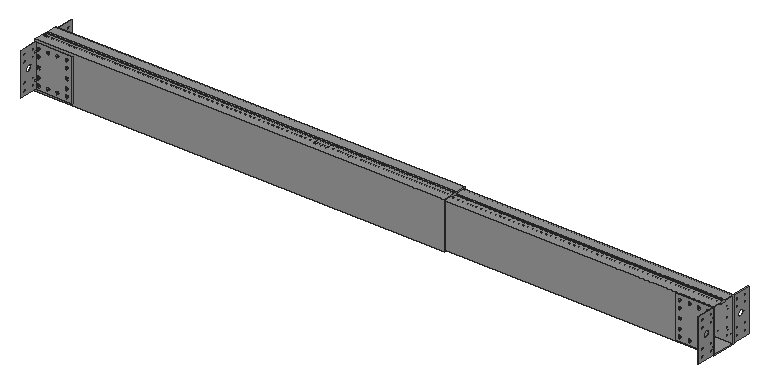
Revit family "RapidBeam_StandardLap_MediumSpan", category Generic Models, Revit 2020
Family settings
  Can host rebar = No
  Round Connector Dimension = Use Diameter
  Part Type = Normal
  OmniClass Number = 23.25.30.11.14.14
  OmniClass Title = Beams
  Work Plane-Based = No
  Always vertical = Yes
  Cut with Voids When Loaded = No
  Shared = No
  Room Calculation Point = No
Parameters
  URL = "https://www.tris.co.nz/products/info/141/Rapid-Beam"
  Span Max Min = "1500mm max span, 1200mm min span."  # constant formula
  Span = 1450 mm
  Sound Transmission Class = "N/A"  # constant formula
  Rapid Beam Material = Steel Galvanised
  Model = "Rapid Beam Standard lap Medium span."  # constant formula
  Material = "Hot dipped galvanised mild steel, Manufactured in New Zealand."  # constant formula
  Masterspec CBI = "3421"  # constant formula
  Manufacturer = "Cold Rolled Systems"  # constant formula
  Length = if(Span < 1200 mm, 1200 mm, if(Span > 1500 mm, 1500 mm, Span))  # 1450 mm
  IFCName = "Rapid Beam Standard lap Medium span"
  IFCExportType = "BEAM"
  IFCExportAs = "IfcBeam"
  Fire Protection = "N/A"  # constant formula
  End Bracket Material = Steel Galvanised
  Description = "Rapid Beam Bridging Beam for non-structural restraints."  # constant formula
  Default Elevation = 2000 mm
Reference planes
  plane 1 "Center (Front/Back)": y = 0
  plane 2: z = 0
  plane 3 "Center (Left/Right)": x = 0
  plane 4: x = 725
  plane 5: x = 150
  plane 6: x = -150
  plane 7: x = -725
Lines and regions (mm)
  symbolic lines, style "GenericModelHiddenLines"
    curve 1: line (-150, 26.574, 0) -> (-150, -26.001, 0)
    curve 2: line (150, -26.001, 0) -> (-150, -26.001, 0)
    curve 3: line (150, 26.574, 0) -> (-150, 26.574, 0)
Dimensions and locks
  equal spacing: plane 7, plane 3 "Center (Left/Right)", plane 4
  "Length": plane 7 to plane 4
  locked: plane 6 to plane 5 at 300
  aligned and locked: level to plane 2
  aligned and locked: plane 7 to nested 1
  aligned and locked: nested 2 to plane 7
  aligned and locked: plane 4 to nested 3
  aligned and locked: nested 4 to plane 4
  aligned and locked: plane 2 to nested 5
  aligned and locked: plane 3 "Center (Left/Right)" to nested 5
  aligned and locked: plane 1 "Center (Front/Back)" to nested 5
Automatic sketch dimensions
  curve 3 to plane 6 = 0 mm
  curve 3 to plane 5 = 0 mm
  curve 2 to plane 5 = 0 mm
  plane 1 "Center (Front/Back)" to curve 1 = 26.001 mm
  curve 3 to plane 1 "Center (Front/Back)" = 26.574 mm
Nested families
  nested 1: "EndBracket" at (-725, -27.517, 2.778), IFCExportAs <- "IFCExportAs", IFCExportType <- "IFCExportType", End Bracket Material <- "End Bracket Material", type "EndBracket"
    with IFCExportType "BEAM", IFCExportAs "IfcBeam", End Bracket Material Steel Galvanised
  nested 2: "EndBracket" at (-725, 27.517, 2.778), IFCExportAs <- "IFCExportAs", IFCExportType <- "IFCExportType", End Bracket Material <- "End Bracket Material", type "EndBracket"
    with IFCExportType "BEAM", IFCExportAs "IfcBeam", End Bracket Material Steel Galvanised
  nested 3: "EndBracket" at (725, -26.001, 2) x (-1, 0, 0) z (0, 0, 1), IFCExportAs <- "IFCExportAs", IFCExportType <- "IFCExportType", End Bracket Material <- "End Bracket Material", type "EndBracket"
    with IFCExportType "BEAM", IFCExportAs "IfcBeam", End Bracket Material Steel Galvanised
  nested 4: "EndBracket" at (725, 26.001, 2) x (-1, 0, 0) z (0, 0, 1), IFCExportAs <- "IFCExportAs", IFCExportType <- "IFCExportType", End Bracket Material <- "End Bracket Material", type "EndBracket"
    with IFCExportType "BEAM", IFCExportAs "IfcBeam", End Bracket Material Steel Galvanised
  nested 5: "RapidBeam_StandardLap_MediumSpan_Beam" at (0, 0, 0), Span <- "Span", IFCExportAs <- "IFCExportAs", IFCExportType <- "IFCExportType", Rapid Beam Material <- "Rapid Beam Material", type "RapidBeam_StandardLap_MediumSpan_Beam"
    with Span 1450 mm, Rapid Beam Material Steel Galvanised, Length 1450 mm, IFCExportType "BEAM", IFCExportAs "IfcBeam"
Definition of nested family "EndBracket"
  Parameters (values of type "EndBracket")
    IFCExportType [instance] = ""
    IFCExportAs [instance] = ""
    End Bracket Material [instance] = none
    Default Elevation = 0 mm
  Reference planes
    plane 1 "Center (Front/Back)": y = 0
    plane 2: z = 0
    plane 3 "Center (Left/Right)": x = 0
  Forms (mm)
    Sweep 1, solid, material <- "End Bracket Material"
      path origin (62.293, -51.069, 0) x (1, 0, 0) y (0, 1, 0)
        loop
          line (17.707, 51.069) -> (-62.293, 51.069) -> (-62.293, 11.069)
      profile origin (0, -20, 0) x (1, 0, 0) y (0, 0, 1)
        loop
          line (0, 0) -> (1.5, 0) -> (1.5, 90) -> (0, 90) -> (0, 0)
    Extrusion 2, void
      sketch origin (11.31, 0, 1.617) x (1, 0, 0) y (0, 0, 1)
        loop
          circle (58.828, 78.35) r 3.5
      from -13.546 to 13.273
    Extrusion 3, void
      sketch origin (11.31, 0, -13.409) x (1, 0, 0) y (0, 0, 1)
        loop
          circle (58.828, 78.35) r 3.5
      from -13.546 to 13.273
    Extrusion 4, void
      sketch origin (11.31, 0, -33.515) x (1, 0, 0) y (0, 0, 1)
        loop
          circle (58.828, 78.35) r 3.5
      from -13.546 to 13.273
    Extrusion 5, void
      sketch origin (11.31, 0, -53.409) x (1, 0, 0) y (0, 0, 1)
        loop
          circle (58.828, 78.35) r 3.5
      from -13.546 to 13.273
    Extrusion 6, void
      sketch origin (11.31, 0, -68.435) x (1, 0, 0) y (0, 0, 1)
        loop
          circle (58.828, 78.35) r 3.5
      from -13.546 to 13.273
    Extrusion 7, void
      sketch origin (-9.209, 0, 1.617) x (1, 0, 0) y (0, 0, 1)
        loop
          circle (58.828, 78.35) r 3.5
      from -13.546 to 13.273
    Extrusion 8, void
      sketch origin (-9.209, 0, -68.435) x (1, 0, 0) y (0, 0, 1)
        loop
          circle (58.828, 78.35) r 3.5
      from -13.546 to 13.273
    Extrusion 9, void
      sketch origin (-28.887, 0, 1.617) x (1, 0, 0) y (0, 0, 1)
        loop
          circle (58.828, 78.35) r 3.5
      from -13.546 to 13.273
    Extrusion 10, void
      sketch origin (-28.887, 0, -68.435) x (1, 0, 0) y (0, 0, 1)
        loop
          circle (58.828, 78.35) r 3.5
      from -13.546 to 13.273
    Extrusion 11, void
      sketch origin (-49.002, 0, 1.617) x (1, 0, 0) y (0, 0, 1)
        loop
          circle (58.828, 78.35) r 3.5
      from -13.546 to 13.273
    Extrusion 12, void
      sketch origin (-49.002, 0, -13.409) x (1, 0, 0) y (0, 0, 1)
        loop
          circle (58.828, 78.35) r 3.5
      from -13.546 to 13.273
    Extrusion 13, void
      sketch origin (-49.002, 0, -33.515) x (1, 0, 0) y (0, 0, 1)
        loop
          circle (58.828, 78.35) r 3.5
      from -13.546 to 13.273
    Extrusion 14, void
      sketch origin (-49.002, 0, -53.409) x (1, 0, 0) y (0, 0, 1)
        loop
          circle (58.828, 78.35) r 3.5
      from -13.546 to 13.273
    Extrusion 15, void
      sketch origin (-49.002, 0, -68.435) x (1, 0, 0) y (0, 0, 1)
        loop
          circle (58.828, 78.35) r 3.5
      from -13.546 to 13.273
    Extrusion 16, void
      sketch origin (9.962, -67.727, 1.617) x (0, 1, 0) y (0, 0, 1)
        loop
          circle (58.828, 78.35) r 3.5
      from -13.546 to 13.273
    Extrusion 17, void
      sketch origin (9.962, -67.727, -13.409) x (0, 1, 0) y (0, 0, 1)
        loop
          circle (58.828, 78.35) r 3.5
      from -13.546 to 13.273
    Extrusion 18, void
      sketch origin (9.962, -67.727, -53.409) x (0, 1, 0) y (0, 0, 1)
        loop
          circle (58.828, 78.35) r 3.5
      from -13.546 to 13.273
    Extrusion 19, void
      sketch origin (9.962, -67.727, -68.435) x (0, 1, 0) y (0, 0, 1)
        loop
          circle (58.828, 78.35) r 3.5
      from -13.546 to 13.273
    Extrusion 20, void
      sketch origin (9.962, -89.689, 1.617) x (0, 1, 0) y (0, 0, 1)
        loop
          circle (58.828, 78.35) r 3.5
      from -13.546 to 13.273
    Extrusion 21, void
      sketch origin (9.962, -89.689, -13.409) x (0, 1, 0) y (0, 0, 1)
        loop
          circle (58.828, 78.35) r 3.5
      from -13.546 to 13.273
    Extrusion 22, void
      sketch origin (9.962, -89.689, -53.409) x (0, 1, 0) y (0, 0, 1)
        loop
          circle (58.828, 78.35) r 3.5
      from -13.546 to 13.273
    Extrusion 23, void
      sketch origin (9.962, -89.689, -68.435) x (0, 1, 0) y (0, 0, 1)
        loop
          circle (58.828, 78.35) r 3.5
      from -13.546 to 13.273
    Extrusion 24, void
      sketch origin (-39.837, -43.459, -5.909) x (0.707107, 0.707107, 0) y (0, 0, 1)
        loop
          circle (58.828, 78.35) r 3.5
      from -13.546 to 13.273
    Extrusion 25, void
      sketch origin (-39.837, -43.459, -60.909) x (0.707107, 0.707107, 0) y (0, 0, 1)
        loop
          circle (58.828, 78.35) r 3.5
      from -13.546 to 13.273
    Extrusion 26, void
      sketch origin (9.962, -78.689, -29.909) x (0, 1, 0) y (0, 0, 1)
        loop
          circle (58.828, 78.35) r 7
      from -13.546 to 13.273
  Cuts and joins
    Extrusion 2, Extrusion 3, Extrusion 4, Extrusion 5, Extrusion 6, Extrusion 7, Extrusion 8, Extrusion 9, Extrusion 10, Extrusion 11, Extrusion 12, Extrusion 13, Extrusion 14, Extrusion 15, Extrusion 16, Extrusion 17, Extrusion 18, Extrusion 19, Extrusion 20, Extrusion 21, Extrusion 22, Extrusion 23, Extrusion 24, Extrusion 25, Extrusion 26 cuts Sweep 1
  Dimensions and locks
    aligned and locked: level to plane 2
Definition of nested family "RapidBeam_StandardLap_MediumSpan_Beam"
  Parameters (values of type "RapidBeam_StandardLap_MediumSpan_Beam")
    URL = ""
    Span [instance] = 1000 mm
    Rapid Beam Material [instance] = none
    Model = ""
    Manufacturer = ""
    Length [instance] = if(Span < 1200 mm, 1200 mm, if(Span > 1500 mm, 1500 mm, Span))  # 1200 mm
    IFCExportType [instance] = ""
    IFCExportAs [instance] = ""
    Description = ""
    Default Elevation = 2000 mm
  Reference planes
    plane 1 "Center (Front/Back)": y = 0
    plane 2 "Bottom": z = 0
    plane 3 "Center (Left/Right)": x = 0
    plane 4: x = 600
    plane 5: x = 150
    plane 6: x = -150
    plane 7: x = -600
  Forms (mm)
    Sweep 1, solid, material <- "Rapid Beam Material"
      path origin (0, 0, 0) x (1, 0, 0) y (0, 1, 0)
        loop
          line (-150, 0) -> (600, 0)
      profile origin (225, 0, 0) x (0, 1, 0) y (0, 0, 1)
        loop
          line (5.01, 93.983) -> (1.654, 90.673) -> (-3.74, 90.673)
          arc (-3.74, 90.673) -> (-4.395, 91.328) -> (-3.74, 91.983) r 0.655
          line (-3.74, 91.983) -> (1.031, 91.983) -> (1.031, 92.883) -> (-3.74, 92.883)
          arc (-3.74, 92.883) -> (-5.195, 91.428) -> (-3.74, 89.973) r 1.455
          line (-3.74, 89.973) -> (2.226, 89.973) -> (5.379, 93.083) -> (25.101, 93.083) -> (25.101, 0.9) -> (-25.101, 0.9) -> (-25.101, 93.083) -> (1.129, 93.083)
          arc (1.129, 93.083) -> (1.779, 92.433) -> (1.129, 91.783) r 0.65
          line (1.129, 91.783) -> (-3.74, 91.783)
          arc (-3.74, 91.783) -> (-4.19, 91.333) -> (-3.74, 90.883) r 0.45
          line (-3.74, 90.883) -> (1.129, 90.883)
          arc (1.129, 90.883) -> (2.679, 92.433) -> (1.129, 93.983) r 1.55
          line (1.129, 93.983) -> (-26.001, 93.983) -> (-26.001, 0) -> (26.001, 0) -> (26.001, 93.983) -> (5.01, 93.983)
    Sweep 2, solid, material <- "Rapid Beam Material"
      path origin (0, 0, 0) x (1, 0, 0) y (0, 1, 0)
        loop
          line (-600, 0) -> (150, 0)
      profile origin (-225, 0, 0) x (0, 1, 0) y (0, 0, 1)
        loop
          line (5.01, 97.743) -> (1.654, 94.432) -> (-3.74, 94.432)
          arc (-3.74, 94.432) -> (-4.395, 95.087) -> (-3.74, 95.743) r 0.655
          line (-3.74, 95.743) -> (1.031, 95.743) -> (1.031, 96.643) -> (-3.74, 96.643)
          arc (-3.74, 96.643) -> (-5.195, 95.187) -> (-3.74, 93.732) r 1.455
          line (-3.74, 93.732) -> (2.226, 93.732) -> (5.379, 96.843) -> (26.574, 96.843) -> (26.574, -1.322) -> (-26.617, -1.322) -> (-26.617, 96.843) -> (1.129, 96.843)
          arc (1.129, 96.843) -> (1.779, 96.193) -> (1.129, 95.543) r 0.65
          line (1.129, 95.543) -> (-3.74, 95.543)
          arc (-3.74, 95.543) -> (-4.19, 95.093) -> (-3.74, 94.643) r 0.45
          line (-3.74, 94.643) -> (1.129, 94.643)
          arc (1.129, 94.643) -> (2.679, 96.193) -> (1.129, 97.743) r 1.55
          line (1.129, 97.743) -> (-27.517, 97.743) -> (-27.517, -2.222) -> (27.474, -2.222) -> (27.474, 97.743) -> (5.01, 97.743)
  Lines and regions (mm)
    symbolic lines
      curve 1: line (-150, 26.574, 0) -> (-150, -26.001, 0)
      curve 2: line (150, -26.001, 0) -> (-150, -26.001, 0)
      curve 3: line (150, 26.574, 0) -> (-150, 26.574, 0)
      curve 4: line (150, 0, 93.983) -> (-150, 0, 93.983)
      curve 5: line (150, 0, 0) -> (-150, 0, 0)
      curve 6: line (-150, 0, 0) -> (-150, 0, 93.983)
  Dimensions and locks
    equal spacing: plane 7, plane 3 "Center (Left/Right)", plane 4
    "Length": plane 7 to plane 4
    locked: plane 6 to plane 5 at 300
    aligned and locked: level to plane 2 "Bottom"
    aligned and locked: plane 1 "Center (Front/Back)" to Sweep 1 sketch curve
    aligned and locked: plane 4 to Sweep 1 sketch curve
    aligned and locked: plane 5 to Sweep 2 sketch curve
    aligned and locked: plane 6 to Sweep 1 sketch curve
    aligned and locked: plane 7 to Sweep 2 sketch curve
  Automatic sketch dimensions
    Sweep 1 sketch curve to Sweep 1 sketch curve = 0 mm  (x4)
    Sweep 1 sketch curve to level = 0 mm
    profile plane to Sweep 1 sketch curve = 26.001 mm
    Sweep 1 sketch curve to Sweep 1 sketch curve = 0.9 mm  (x3)
    profile plane to Sweep 1 sketch curve = 3.74 mm
    Sweep 1 sketch curve to profile plane = 1.031 mm
    Sweep 1 sketch curve to Sweep 1 sketch curve = 0.098 mm
    Sweep 1 sketch curve to Sweep 1 sketch curve = 0.525 mm
    Sweep 1 sketch curve to Sweep 1 sketch curve = 0.572 mm
    Sweep 1 sketch curve to Sweep 1 sketch curve = 3.881 mm
    Sweep 1 sketch curve to Sweep 1 sketch curve = 0.369 mm
    level to Sweep 1 sketch curve = 0.9 mm
    Sweep 1 sketch curve to profile plane = 25.101 mm
    level to Sweep 1 sketch curve = 89.973 mm
    Sweep 1 sketch curve to Sweep 1 sketch curve = 0.7 mm
    Sweep 1 sketch curve to Sweep 1 sketch curve = 0.211 mm
    Sweep 1 sketch curve to Sweep 1 sketch curve = 0.445 mm
    Sweep 1 sketch curve to Sweep 1 sketch curve = 0.005 mm
    Sweep 1 sketch curve to Sweep 1 sketch curve = 0.095 mm
    Sweep 1 sketch curve to Sweep 1 sketch curve = 0.45 mm
    Sweep 1 sketch curve to Sweep 1 sketch curve = 3.111 mm
    Sweep 2 sketch curve to plane 1 "Center (Front/Back)" = 0 mm
    Sweep 2 sketch curve to Sweep 2 sketch curve = 0 mm  (x4)
    Sweep 2 sketch curve to level = 2.222 mm
    profile plane to Sweep 2 sketch curve = 27.517 mm
    Sweep 2 sketch curve to Sweep 2 sketch curve = 0.9 mm  (x3)
    profile plane to Sweep 2 sketch curve = 3.74 mm
    Sweep 2 sketch curve to profile plane = 1.031 mm
    Sweep 2 sketch curve to Sweep 2 sketch curve = 0.098 mm
    Sweep 2 sketch curve to Sweep 2 sketch curve = 0.525 mm
    Sweep 2 sketch curve to Sweep 2 sketch curve = 0.572 mm
    Sweep 2 sketch curve to Sweep 2 sketch curve = 3.881 mm
    Sweep 2 sketch curve to Sweep 2 sketch curve = 0.369 mm
    Sweep 2 sketch curve to level = 1.322 mm
    Sweep 2 sketch curve to profile plane = 26.574 mm
    level to Sweep 2 sketch curve = 93.732 mm
    Sweep 2 sketch curve to Sweep 2 sketch curve = 0.7 mm
    Sweep 2 sketch curve to Sweep 2 sketch curve = 0.211 mm
    Sweep 2 sketch curve to Sweep 2 sketch curve = 0.445 mm
    Sweep 2 sketch curve to Sweep 2 sketch curve = 0.005 mm
    Sweep 2 sketch curve to Sweep 2 sketch curve = 0.095 mm
    Sweep 2 sketch curve to Sweep 2 sketch curve = 0.45 mm
    Sweep 2 sketch curve to Sweep 2 sketch curve = 3.111 mm
    curve 3 to plane 6 = 0 mm
    curve 3 to plane 5 = 0 mm
    curve 2 to plane 5 = 0 mm
    plane 1 "Center (Front/Back)" to curve 1 = 26.001 mm
    curve 3 to plane 1 "Center (Front/Back)" = 26.574 mm
    curve 5 to level = 0 mm
    curve 5 to plane 6 = 0 mm
    curve 5 to plane 5 = 0 mm
    curve 4 to plane 5 = 0 mm
    curve 5 to curve 4 = 93.983 mm
